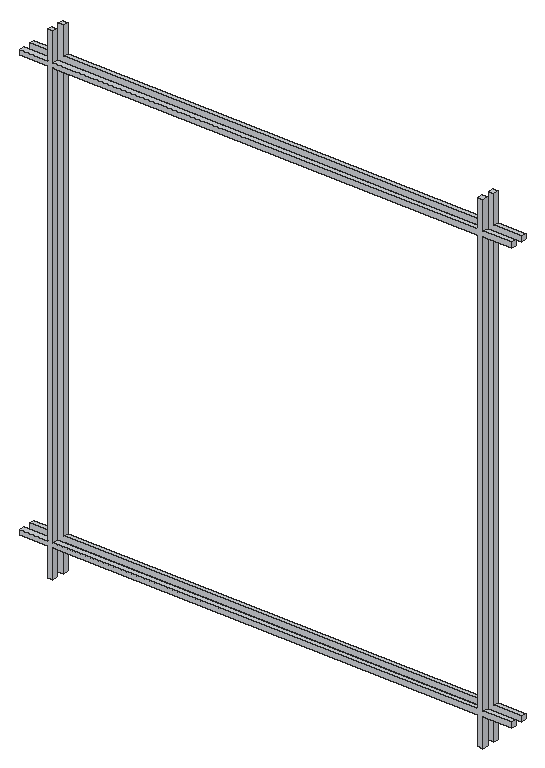
Revit family "272dccf0748f4c01a5d46c25fe7aad0f", category Generic Models, Revit 2021
Family settings
  Can host rebar = No
  Round Connector Dimension = Use Diameter
  Part Type = Normal
  Work Plane-Based = No
  Always vertical = Yes
  Cut with Voids When Loaded = No
  Shared = Yes
  Room Calculation Point = No
Parameters
  Width [instance] = 4' - 0"
  Thickness = 0' - 0 1/2"
  Height [instance] = 4' - 0"
  Interior Material [instance] = none
  Exterior Material [instance] = none
  Distance = 0' - 0 3/4"
  Default Elevation = 0' - 0"
Reference planes (in)
  plane 1 "Center (Front/Back)": y = 0
  plane 2: z = 0
  plane 3 "Center (Left/Right)": x = 0
  plane 4: z = 48
  plane 5: x = -24
  plane 6: x = 24
  plane 7: z = 24
  plane 8 "a": y = 0.375
  plane 9 "b": y = -0.375
  plane 10: z = 45
  plane 11: x = -21
  plane 12: z = 3
  plane 13: x = 21
  plane 14: z = 45.25
  plane 15: z = 44.75
  plane 16: x = -21.25
  plane 17: x = -20.75
  plane 18: z = 3.25
  plane 19: z = 2.75
  plane 20: x = 20.75
  plane 21: x = 21.25
  plane 22: y = 0.875
  plane 23: y = -0.875
Forms (in)
  Extrusion 1, solid, material <- "Exterior Material", detail levels fine
    sketch origin (0, 0.375, 0) x (-1, 0, 0) y (0, 0, 1)
      loop
        line (24, 45.25) -> (21.25, 45.25) -> (21.25, 48) -> (20.75, 48) -> (20.75, 45.25) -> (-20.75, 45.25) -> (-20.75, 48) -> (-21.25, 48) -> (-21.25, 45.25) -> (-24, 45.25) -> (-24, 44.75) -> (-21.25, 44.75) -> (-21.25, 3.25) -> (-24, 3.25) -> (-24, 2.75) -> (-21.25, 2.75) -> (-21.25, 0) -> (-20.75, 0) -> (-20.75, 2.75) -> (20.75, 2.75) -> (20.75, 0) -> (21.25, 0) -> (21.25, 2.75) -> (24, 2.75) -> (24, 3.25) -> (21.25, 3.25) -> (21.25, 44.75) -> (24, 44.75) -> (24, 45.25)
      loop
        line (20.75, 3.25) -> (20.75, 44.75) -> (-20.75, 44.75) -> (-20.75, 3.25) -> (20.75, 3.25)
    from 0.5 to 0
  Extrusion 2, solid, material <- "Interior Material", detail levels fine
    sketch origin (0, 0.375, 0) x (-1, 0, 0) y (0, 0, 1)
      loop
        line (24, 45.25) -> (21.25, 45.25) -> (21.25, 48) -> (20.75, 48) -> (20.75, 45.25) -> (-20.75, 45.25) -> (-20.75, 48) -> (-21.25, 48) -> (-21.25, 45.25) -> (-24, 45.25) -> (-24, 44.75) -> (-21.25, 44.75) -> (-21.25, 3.25) -> (-24, 3.25) -> (-24, 2.75) -> (-21.25, 2.75) -> (-21.25, 0) -> (-20.75, 0) -> (-20.75, 2.75) -> (20.75, 2.75) -> (20.75, 0) -> (21.25, 0) -> (21.25, 2.75) -> (24, 2.75) -> (24, 3.25) -> (21.25, 3.25) -> (21.25, 44.75) -> (24, 44.75) -> (24, 45.25)
      loop
        line (20.75, 3.25) -> (20.75, 44.75) -> (-20.75, 44.75) -> (-20.75, 3.25) -> (20.75, 3.25)
    from -0.75 to -1.25
Lines and regions (in)
  model lines, detail levels medium
    curve 1: line (-21, 0.375, 48) -> (-21, 0.375, 0)
    curve 2: line (21, 0.375, 48) -> (21, 0.375, 0)
    curve 3: line (-24, 0.375, 45) -> (24, 0.375, 45)
    curve 4: line (-24, 0.375, 3) -> (24, 0.375, 3)
    curve 5: line (-21, -0.375, 48) -> (-21, -0.375, 0)
    curve 6: line (21, -0.375, 48) -> (21, -0.375, 0)
    curve 7: line (-24, -0.375, 45) -> (24, -0.375, 45)
    curve 8: line (-24, -0.375, 3) -> (24, -0.375, 3)
Dimensions and locks (in)
  equal spacing: plane 6, plane 3 "Center (Left/Right)", plane 5
  "Width": plane 6 to plane 5
  "Height": plane 4 to plane 2
  equal spacing: plane 4, plane 7, plane 2
  locked: curve 2 to plane 6 at 3
  equal spacing: plane 8 "a", plane 1 "Center (Front/Back)", plane 9 "b"
  "Distance": plane 8 "a" to plane 9 "b"
  locked: plane 4 to plane 10 at 3
  locked: plane 11 to plane 5 at 3
  locked: plane 6 to plane 13 at 3
  locked: plane 12 to plane 2 at 3
  locked: plane 14 to plane 10 at 0.25
  locked: plane 10 to plane 15 at 0.25
  locked: plane 11 to plane 16 at 0.25
  locked: plane 17 to plane 11 at 0.25
  locked: plane 18 to plane 12 at 0.25
  locked: plane 12 to plane 19 at 0.25
  locked: plane 21 to plane 13 at 0.25
  locked: plane 13 to plane 20 at 0.25
  "Thickness": plane 22 to plane 8 "a"
  "Thickness": plane 9 "b" to plane 23
  aligned and locked: plane 2 to level
  aligned and locked: Extrusion 1 sketch curve to Extrusion 1 sketch curve  (x16)
  aligned and locked: plane 2 to curve 1
  aligned and locked: plane 2 to curve 2
  aligned and locked: plane 4 to curve 1
  aligned and locked: plane 4 to curve 2
  aligned and locked: plane 5 to curve 3
  aligned and locked: plane 5 to curve 4
  aligned and locked: plane 6 to curve 3
  aligned and locked: plane 6 to curve 4
  aligned and locked: plane 2 to Extrusion 1 sketch curve  (x2)
  aligned and locked: plane 4 to Extrusion 1 sketch curve  (x2)
  aligned and locked: Extrusion 1 sketch curve to plane 5  (x2)
  aligned and locked: Extrusion 1 sketch curve to plane 6  (x2)
  aligned and locked: plane 16 to Extrusion 1 sketch curve
  aligned and locked: Extrusion 1 sketch curve to plane 17
  aligned and locked: Extrusion 1 sketch curve to plane 14
  aligned and locked: plane 15 to Extrusion 1 sketch curve
  aligned and locked: Extrusion 1 sketch curve to plane 18
  aligned and locked: plane 19 to Extrusion 1 sketch curve
  aligned and locked: plane 20 to Extrusion 1 sketch curve
  aligned and locked: Extrusion 1 sketch curve to plane 21
  aligned and locked: curve 3 to plane 10
  aligned and locked: curve 4 to plane 12
  aligned and locked: curve 1 to plane 11
  aligned and locked: Extrusion 1 to plane 8 "a"
  aligned and locked: Extrusion 1 to plane 22
  aligned and locked: Extrusion 2 sketch curve to Extrusion 2 sketch curve  (x16)
  aligned and locked: plane 9 "b" to Extrusion 2
  aligned and locked: Extrusion 2 to plane 23
Automatic sketch dimensions
  Extrusion 2 sketch curve to plane 6 = 0' - 0"  (x2)
  Extrusion 2 sketch curve to plane 14 = 0' - 0"
  Extrusion 2 sketch curve to plane 21 = 0' - 0"
  Extrusion 2 sketch curve to plane 20 = 0' - 0"
  Extrusion 2 sketch curve to plane 17 = 0' - 0"
  Extrusion 2 sketch curve to plane 4 = 0' - 0"  (x2)
  Extrusion 2 sketch curve to plane 16 = 0' - 0"
  Extrusion 2 sketch curve to plane 5 = 0' - 0"  (x2)
  Extrusion 2 sketch curve to level = 0' - 0"  (x2)
  Extrusion 2 sketch curve to plane 19 = 0' - 0"
  Extrusion 2 sketch curve to plane 18 = 0' - 0"
  Extrusion 2 sketch curve to plane 15 = 0' - 0"
  curve 8 to plane 6 = 0' - 0"
  curve 7 to plane 6 = 0' - 0"
  curve 6 to level = 0' - 0"
  curve 6 to plane 13 = 0' - 0"
  curve 5 to level = 0' - 0"
  curve 5 to plane 11 = 0' - 0"
  curve 8 to plane 5 = 0' - 0"
  curve 7 to plane 5 = 0' - 0"
  curve 8 to plane 12 = 0' - 0"
  curve 7 to plane 10 = 0' - 0"
  curve 6 to plane 4 = 0' - 0"
  curve 5 to plane 4 = 0' - 0"
